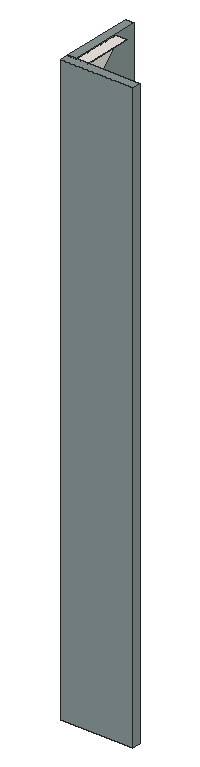
Revit family "Supports-Teknion-CEAFSC-Side_Filler_Countertop_Cabinet-R2023", category Furniture, Revit 2023
Family settings
  OmniClass Number = 23.40.20.00
  OmniClass Title = General Furniture and Specialties
  Work Plane-Based = No
  Enable Cutting in Views = No
  Always vertical = Yes
  Cut with Voids When Loaded = No
  Render Appearance Source = Family Geometry
  Shared = Yes
  Room Calculation Point = No
Parameters (values of type "Side Filler – Countertop Cabinet")
  Warranty = "http://www.teknion.com/ca/papers/legal-canada"
  Unit Weight URL = "http://www.teknion.com/ca/tools/assets#&asset=bee6a381-b954-425e-8283-5a2de3a804f2,f828d448-4b62-4231-9e5f-9a8991c0ed77"
  URL = "www.teknion.com"
  To render please download texture images found here [instance] = "https://assets.teknion.com/web/5e81352c1dfdb467/revit-material-swatches/"
  Sustainability Data = "https://www.teknion.com/ca/tools/assets#&topic=216f99a5-57a0-44fc-b10a-9dee9b29ae4c&asset=444deb64-fe58-4b68-981e-f75e97781df7,b4ff2d81-9f2e-437d-9659-7cffb09c31cf"
  Side Filler Finish [instance] = Grade 2 Laminate - Teknion - W6 - Spruce
  Series = "Casework+"  # constant formula
  Product Page URL = "https://www.teknion.com/ca//products/product-details?productLineId=30ca1270-8e7a-673b-a6c8-ff05004460c4"
  Product Line = "Finishing Components"  # constant formula
  Product Documentation Link = "http://www.teknion.com/pricingguides/Casework/pdfs/CEAFSC_ppg.pdf"
  Part Number = "CEAFSC"  # constant formula
  Model = "CEAFSC06____M"  # constant formula
  Manufacturer Phone = "416-661-3370"  # constant formula
  Manufacturer Fax = "416.661.4586"  # constant formula
  Manufacturer Contact Information = "http://www.teknion.com/ca/contactus"
  Manufacturer Address = "1150 Flint Road, Toronto, ON. M3J 2J5. Canada"  # constant formula
  Manufacturer = "Teknion"  # constant formula
  How To Use Teknion Materials User Guide [instance] = "https://assets.teknion.com/m/205dd0a49fa58060/original/How-to-add-a-Material-Library-and-Texture-Images-to-your-Revit-project.pdf"
  For Additional Finishes please visit [instance] = "https://assets.teknion.com/m/44a8009b046e5d47/original/Teknion_Materials_Library.zip"
  Description = "Side Filler – Countertop Cabinet"  # constant formula
  Default Elevation = 0.000"
  Datum Height [instance] = 84.000"
  Base Cabinet Height [instance] = 35.000"
  Available Datum Height [instance] = "Available In 84, 90 & 96 Inches"  # constant formula
  Available Base Cabinet Height [instance] = "Available In 32 & 35 Inches"  # constant formula
  Assembly Code = "E2020200"
Reference planes (in)
  plane 1 "Center Front/Back": y = 1.57138
  plane 2: z = 0
  plane 3 "Center Left/Right": x = 0.45654
  plane 4 "Left": x = -2.54346
  plane 5 "Right": x = 3.45654
  plane 6 "Back": y = 4.92177
  plane 7 "Front": y = -1.77902
  plane 8 "Top": z = 84
  plane 9: z = 35
  plane 10: z = 59.5
Forms (in)
  Sweep 1, solid, material "Grade 2 Laminate - Teknion - W6 - Spruce" <- "Side Filler Finish"
    path origin (0, 1.57138, 0) x (1, 0, 0) y (0, 0, 1)
      loop
        line (0.45654, 84) -> (0.45654, 35)
    profile origin (0.45654, 1.57138, 59.5) x (0, -1, 0) y (1, 0, 0)
      loop
        line (3.35039, -3) -> (3.35039, 3) -> (2.64961, 3) -> (2.64961, -3) -> (3.35039, -3)
  Sweep 2, solid, material "Grade 2 Laminate - Teknion - W6 - Spruce" <- "Side Filler Finish"
    path origin (0.45654, 0, 0) x (0, 1, 0) y (0, 0, 1)
      loop
        line (1.57138, 84) -> (1.57138, 35)
    profile origin (0.45654, 1.57138, 59.5) x (1, 0, 0) y (0, 1, 0)
      loop
        line (-3, 3.35039) -> (-3, -2.64961) -> (-2.29921, -2.64961) -> (-2.29921, 3.35039) -> (-3, 3.35039)
  Sweep 3, solid, material "Source Laminate - Teknion - 2G - Atrium White"
    path origin (0.45654, 0, 0) x (0, 1, 0) y (0, 0, 1)
      loop
        line (1.57138, 84) -> (1.57138, 35)
    profile origin (0.45654, 1.57138, 59.5) x (1, 0, 0) y (0, 1, 0)
      loop
        line (-1.29921, 1.40945) -> (-2.29921, 1.40945) -> (-2.29921, -2.64961) -> (-1.29921, -2.64961) -> (-1.29921, 1.40945)
  Sweep 4, void
    path origin (0, 1.57138, 0) x (1, 0, 0) y (0, 0, 1)
      loop
        line (0.45654, 83.941) -> (0.45654, 35.05906)
    profile origin (0.45654, 1.57138, 59.50003) x (0, -1, 0) y (1, 0, 0)
      loop
        line (2.59055, -2.24016) -> (2.59055, -1.29921) -> (-1.40945, -1.29921) -> (-1.40945, -2.24016) -> (2.59055, -2.24016)
  Sweep 5, void
    path origin (0, 0, 0) x (1, 0, 0) y (0, 1, 0)
      loop
        line (3.45654, 1.57138) -> (-2.54346, 1.57138)
    profile origin (0.45654, 1.57138, 0) x (0, -1, 0) y (0, 0, 1)
      loop
        line (-1.40945, 35.59055) -> (2.05906, 39.05906) -> (2.64961, 39.05906) -> (2.64961, 79.94094) -> (2.05906, 79.94094) -> (-1.40945, 83.40945) -> (-1.40945, 35.59055)
  Sweep 6, solid, material "Source Laminate - Teknion - 2G - Atrium White"
    path origin (0, 0, 0) x (1, 0, 0) y (0, 1, 0)
      loop
        line (-0.84267, 1.57138) -> (-1.84267, 1.57138)
    profile origin (-1.34267, 1.57138, 0) x (0, -1, 0) y (0, 0, 1)
      loop
        line (2.64961, 63.55906) -> (2.05906, 63.55906) -> (-1.40945, 60.09055) -> (-1.40945, 59.5) -> (2.64961, 59.5) -> (2.64961, 63.55906)
  Sweep 7, void
    path origin (0, 1.57138, 0) x (1, 0, 0) y (0, 0, 1)
      loop
        line (0.45654, 59.55906) -> (0.45654, 63.55906)
    profile origin (0.45654, 1.57138, 61.55906) x (-1, 0, 0) y (0, -1, 0)
      loop
        line (2.24016, -2.05736) -> (2.24016, 2.59055) -> (1.29921, 2.59055) -> (1.29921, -2.05736) -> (2.24016, -2.05736)
Cuts and joins
  Sweep 4, Sweep 5 cuts Sweep 3
  Sweep 7 cuts Sweep 6
Lines and regions (in)
  Masking region 1
    outline origin (0, 0, 0) x (1, 0, 0) y (0, 1, 0)
      loop
        line (-2.54346, 4.92177) -> (-2.54346, -1.07823) -> (-1.84267, -1.07823) -> (-1.84267, 4.92177) -> (-2.54346, 4.92177)
  Masking region 2
    outline origin (0, 0, 0) x (1, 0, 0) y (0, 1, 0)
      loop
        line (-2.54346, -1.77902) -> (3.45654, -1.77902) -> (3.45654, -1.07823) -> (-2.54346, -1.07823) -> (-2.54346, -1.77902)
  Masking region 3
    outline origin (0, 0, 0) x (1, 0, 0) y (0, 1, 0)
      loop
        line (-0.84267, -1.07823) -> (-0.84267, 2.98083) -> (-1.84267, 2.98083) -> (-1.84267, -1.07823) -> (-0.84267, -1.07823)
  symbolic lines, style "FurnitureHiddenLines", detail levels medium+fine
    curve 1: line (-1.78362, 2.98083, 0) -> (-1.78362, -1.01917, 0)
    curve 2: line (-1.78362, -1.01917, 0) -> (-0.84267, -1.01917, 0)
  reference lines
    curve 3: line (-2.54346, 4.92177, 0) -> (3.45654, 4.92177, 0)
    curve 4: line (3.45654, 4.92177, 0) -> (3.45654, -1.77902, 0)
    curve 5: line (-2.54346, -1.77902, 0) -> (3.45654, -1.77902, 0)
    curve 6: line (-2.54346, 4.92177, 0) -> (-2.54346, -1.77902, 0)
Dimensions and locks (in)
  plane 4 "Left" to plane 5 "Right" = 6.000"
  plane 6 "Back" to plane 7 "Front" = 6.70079"
  "Datum Height": plane 8 "Top" to level
  equal spacing: plane 4 "Left", plane 3 "Center Left/Right", plane 5 "Right"
  equal spacing: plane 7 "Front", plane 1 "Center Front/Back", plane 6 "Back"
  plane 8 "Top" to plane 9 = 49.000"
  "Base Cabinet Height": plane 9 to plane 2
  locked: plane 7 "Front" to Sweep 1 sketch curve at 0.70079
  locked: plane 4 "Left" to Sweep 2 sketch curve at 0.70079
  locked: plane 7 "Front" to Sweep 2 sketch curve at 0.70079
  plane 4 "Left" to Sweep 3 sketch curve to Sweep 3 sketch curve = 0.70079" locked, 1.000" locked
  plane 7 "Front" to Sweep 3 sketch curve to Sweep 3 sketch curve = 0.70079" locked, 4.05906" locked
  locked: plane 8 "Top" to Sweep 4 sketch curve at 0.059
  locked: Sweep 4 sketch curve to plane 9 at 0.05906
  plane 4 "Left" to Sweep 4 sketch curve to Sweep 4 sketch curve = 0.75984" locked, 0.94094" locked
  plane 7 "Front" to Sweep 4 sketch curve to Sweep 4 sketch curve = 0.75984" locked, 4.000" locked
  Sweep 5 sketch curve to Sweep 5 sketch curve to Sweep 5 sketch curve to Sweep 5 sketch curve to plane 7 "Front" = 3.4685" locked, 0.000" locked, 0.59055" locked, 0.70079" locked
  Sweep 5 sketch curve to Sweep 5 sketch curve to plane 9 = 3.4685" locked, 0.59055" locked
  plane 8 "Top" to Sweep 5 sketch curve to Sweep 5 sketch curve = 0.59055" locked, 3.4685" locked
  locked: plane 4 "Left" to Masking region 1 sketch curve at 0.70079
  locked: plane 7 "Front" to Masking region 1 sketch curve at 0.70079
  locked: plane 7 "Front" to Masking region 2 sketch curve at 0.70079
  plane 4 "Left" to Masking region 3 sketch curve to Masking region 3 sketch curve = 0.70079" locked, 1.000" locked
  plane 7 "Front" to Masking region 3 sketch curve to Masking region 3 sketch curve = 0.70079" locked, 4.05906" locked
  equal spacing: plane 8 "Top", plane 10, plane 9
  plane 4 "Left" to Sweep 6 sketch curve to Sweep 6 sketch curve = 0.70079" locked, 1.000" locked
  plane 10 to Sweep 6 sketch curve to Sweep 6 sketch curve = 0.59055" locked, 3.4685" locked
  Sweep 6 sketch curve to Sweep 6 sketch curve to Sweep 6 sketch curve to plane 7 "Front" = 3.4685" locked, 0.59055" locked, 0.70079" locked
  Sweep 7 sketch curve to Sweep 7 sketch curve to plane 10 = 4.000" locked, 0.05906" locked
  plane 4 "Left" to Sweep 7 sketch curve to Sweep 7 sketch curve = 0.75984" locked, 0.94094" locked
  plane 7 "Front" to Sweep 7 sketch curve to Sweep 7 sketch curve = 0.75984" locked, 4.64791" locked
  aligned and locked: level to plane 2
  aligned and locked: Sweep 1 sketch curve to plane 3 "Center Left/Right"
  aligned and locked: plane 8 "Top" to Sweep 1 sketch curve
  aligned and locked: plane 9 to Sweep 1 sketch curve
  aligned and locked: Sweep 1 sketch curve to plane 7 "Front"
  aligned and locked: Sweep 1 sketch curve to plane 5 "Right"
  aligned and locked: plane 4 "Left" to Sweep 1 sketch curve
  aligned and locked: Sweep 2 sketch curve to plane 1 "Center Front/Back"
  aligned and locked: plane 8 "Top" to Sweep 2 sketch curve
  aligned and locked: Sweep 2 sketch curve to plane 4 "Left"
  aligned and locked: Sweep 2 sketch curve to plane 6 "Back"
  aligned and locked: Sweep 3 sketch curve to plane 1 "Center Front/Back"
  aligned and locked: plane 8 "Top" to Sweep 3 sketch curve
  aligned and locked: Sweep 4 sketch curve to plane 3 "Center Left/Right"
  aligned and locked: plane 4 "Left" to Sweep 5 sketch curve
  aligned and locked: plane 5 "Right" to Sweep 5 sketch curve
  aligned and locked: Sweep 5 sketch curve to plane 1 "Center Front/Back"
  aligned and locked: Masking region 1 sketch curve to plane 4 "Left"
  aligned and locked: Masking region 1 sketch curve to plane 6 "Back"
  aligned and locked: Masking region 2 sketch curve to plane 7 "Front"
  aligned and locked: Masking region 2 sketch curve to plane 4 "Left"
  aligned and locked: plane 5 "Right" to Masking region 2 sketch curve
  aligned and locked: curve 1 to cut or joined group of Sweep 3, Sweep 4, Sweep 5
  aligned and locked: curve 2 to cut or joined group of Sweep 3, Sweep 4, Sweep 5
  aligned and locked: nested 1 to plane 4 "Left"
  aligned and locked: nested 1 to plane 7 "Front"
  aligned and locked: curve 3 to plane 6 "Back"
  aligned and locked: curve 4 to plane 5 "Right"
  aligned and locked: curve 5 to plane 7 "Front"
  aligned and locked: curve 6 to plane 4 "Left"
  aligned and locked: plane 9 to Sweep 2 sketch curve
  aligned and locked: plane 9 to Sweep 3 sketch curve
  aligned and locked: Sweep 6 sketch curve to plane 1 "Center Front/Back"
  aligned and locked: plane 10 to Sweep 6 sketch curve
  aligned and locked: plane 3 "Center Left/Right" to Sweep 7 sketch curve
Automatic sketch dimensions
  curve 1 to plane 1 "Center Front/Back" = 1.40945"
  curve 1 to curve 2 = 0.94094"
Nested families (in)
  nested 1: "Teknion_2D_Node_Family-R2021" at (-2.54346, -1.77902, 0), type "Teknion_2D_Node_Family-R2021"
Definition of nested family "Teknion_2D_Node_Family-R2021"
  Reference planes (in)
    plane 1 "Center (Front/Back)": y = 0
    plane 2: z = 0
    plane 3 "Center (Left/Right)": x = 0
  Lines and regions (in)
    detail lines, in view "Ref. Level"
      curve 1: circle (0, 0, 0) r 1.25 normal (0, 0, 1)
      curve 2: line (1.91508, -1.91508, 0) -> (-1.91508, 1.91508, 0)
      curve 3: line (-1.91508, -1.91508, 0) -> (1.91508, 1.91508, 0)
